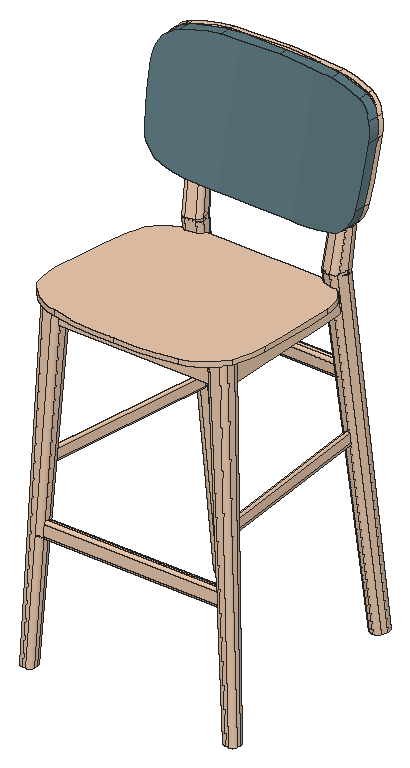
Revit family "FU_Stool_Sandler_Celina 4-14", category Furniture, Revit 2020
Family settings
  OmniClass Number = 23.40.20.00
  OmniClass Title = General Furniture and Specialties
  Work Plane-Based = No
  Always vertical = Yes
  Cut with Voids When Loaded = No
  Shared = No
  Room Calculation Point = No
Parameters (values of type "Celina 4.14")
  Width = 475 mm
  Upholstery = Fabric - Mainline Flax - Pimlico MLF34
  URL = "https://www.sandlerseating.com/product/celina-4-14/"
  Model = "Celina 4.14"
  Manufacturer = "Sandler"
  Height = 1090 mm
  Frame = Wood - Beech - Walnut - V
  Description = "Counterstool with a wooden seat and upholstered back panel. The frame is in solid beech."
  Depth = 550 mm
  Default Elevation = 0 mm
Reference planes
  plane 1 "Center (Front/Back)": y = 0
  plane 2: z = 0
  plane 3 "Center (Left/Right)": x = 0
  plane 4 "Right": x = -237.5
  plane 5 "Left": x = 237.5
  plane 6 "Back": y = 275
  plane 7 "Front": y = -275
  plane 8 "Height": z = 1090
  plane 9 "Seat height": z = 770
  plane 10 "Seat Frame Base": through (4267.2, 159.453, 701.275) normal (0, -0.0523, -0.9986)
  plane 11: through (4267.2, 256.992, 4.174) normal (0, -0.9912, -0.1325)
  plane 12: through (4267.2, 195.782, 966.959) normal (0, 0.9866, -0.1633)
  plane 13 "BRL C FRONT": x = -169.085
  plane 14 "BL H": z = 741.259
  plane 15 "Cross Stretch RIGHT": z = 402.471
Forms (mm)
  Sweep 1, solid, material "Fabric - Mainline Flax - Pimlico MLF34" <- "Upholstery"
    path origin (0, 0, 0) x (0, 1, 0) y (0, 0, 1)
      loop
        line (154.569, 770) -> (234.758, 1108.042)
    profile "Pro_celina_Back_UPH : Pro_celina_Back_UPH" origin (0, 194.663, 939.021) x (0, -0.972998, 0.230812) y (1, 0, 0)
      loop
        arc (43.165, 250) -> (3, 0) -> (43.165, -250) r 798.125
        line (43.165, -250) -> (73.165, -250)
        arc (73.165, -250) -> (33, 0) -> (73.165, 250) r 798.125
        line (73.165, 250) -> (43.165, 250)
  Extrusion 2, void
    sketch origin (0, 0, 0) x (1, 0, 0) y (0, 0, 1)
      loop
        line (0, 1090) -> (-120, 1090)
        arc (-120, 1090) -> (-157.187, 1088.102) -> (-193.987, 1082.427) r 365.188
        arc (-193.987, 1082.427) -> (-214.772, 1073.022) -> (-229.541, 1055.635) r 52.064
        arc (-229.541, 1055.635) -> (-235.86, 1038.434) -> (-237.5, 1020.182) r 70.03
        arc (-237.5, 1020.182) -> (-236.007, 959.471) -> (-231.011, 898.947) r 1050.98
        arc (-231.011, 898.947) -> (-222.49, 872.227) -> (-204.346, 850.843) r 71.485
        arc (-204.346, 850.843) -> (-187.552, 840.272) -> (-168.882, 833.545) r 92.057
        arc (-168.882, 833.545) -> (-132.35, 824.773) -> (-95.021, 820.522) r 307.517
        arc (-95.021, 820.522) -> (-47.524, 818.407) -> (0, 817.032) r 3053.671
        arc (0, 817.032) -> (47.524, 818.407) -> (95.021, 820.522) r 3053.671
        arc (95.021, 820.522) -> (132.35, 824.773) -> (168.882, 833.545) r 307.517
        arc (168.882, 833.545) -> (187.552, 840.272) -> (204.346, 850.843) r 92.057
        arc (204.346, 850.843) -> (222.49, 872.227) -> (231.011, 898.947) r 71.485
        arc (231.011, 898.947) -> (236.007, 959.471) -> (237.5, 1020.182) r 1050.98
        arc (237.5, 1020.182) -> (235.86, 1038.434) -> (229.541, 1055.635) r 70.03
        arc (229.541, 1055.635) -> (214.772, 1073.022) -> (193.987, 1082.427) r 52.064
        arc (193.987, 1082.427) -> (157.187, 1088.102) -> (120, 1090) r 365.188
        line (120, 1090) -> (0, 1090)
      loop
        line (-260, 1133.116) -> (-260, 753.116) -> (260, 753.116) -> (260, 1133.116) -> (-260, 1133.116)
    from -240.348 to -100.3
  Extrusion 3, solid, material "Wood - Beech - Walnut - V" <- "Frame"
    sketch origin (0, 37.088, 707.688) x (0, 0.99863, -0.052336) y (1, 0, 0)
      loop
        line (-206.882, 168.434) -> (113.974, 140.363) -> (116.413, 168.234) -> (-204.444, 196.305) -> (-206.882, 168.434)
    from -7 to 40
  Extrusion 4, solid, material "Wood - Beech - Walnut - V" <- "Frame"
    sketch origin (0, 37.088, 707.688) x (0, 0.99863, -0.052336) y (1, 0, 0)
      loop
        line (-206.882, -168.434) -> (-204.444, -196.305) -> (116.413, -168.234) -> (113.974, -140.363) -> (-206.882, -168.434)
    from -7 to 40
  Extrusion 5, solid, material "Wood - Beech - Walnut - V" <- "Frame"
    sketch origin (0, 0, 0) x (1, 0, 0) y (0, 0, 1)
      loop
        spline (0, 722.98) -> (-13.573, 723.047) -> (-27.153, 723.18) -> (-40.733, 723.381) -> (-54.308, 723.648) -> (-67.871, 723.981) -> (-81.416, 724.382) -> (-94.937, 724.848) -> (-108.428, 725.381) -> (-121.883, 725.979) -> (-135.296, 726.643) -> (-148.659, 727.372) -> (-161.969, 728.166)
        line (-161.969, 728.166) -> (-164.929, 677.955) -> (164.929, 677.955) -> (161.969, 728.156)
        spline (161.969, 728.156) -> (148.66, 727.367) -> (135.296, 726.643) -> (121.883, 725.982) -> (108.429, 725.387) -> (94.937, 724.856) -> (81.416, 724.391) -> (67.871, 723.991) -> (54.308, 723.657) -> (40.733, 723.389) -> (27.152, 723.187) -> (13.573, 723.05) -> (0, 722.98)
    from 173.5 to 201.5
  Blend 6, solid, material "Wood - Beech - Walnut - V" <- "Frame"
    base sketch origin (0, 0, 0) x (1, 0, 0) y (0, 1, 0)
      loop
        arc (-224.698, -192.341) -> (-232.122, -195.416) -> (-235.198, -202.841) r 10.5
        line (-235.198, -202.841) -> (-235.198, -210.841)
        arc (-235.198, -210.841) -> (-232.122, -218.265) -> (-224.698, -221.341) r 10.5
        line (-224.698, -221.341) -> (-216.698, -221.341)
        arc (-216.698, -221.341) -> (-209.273, -218.265) -> (-206.198, -210.841) r 10.5
        line (-206.198, -210.841) -> (-206.198, -202.841)
        arc (-206.198, -202.841) -> (-209.273, -195.416) -> (-216.698, -192.341) r 10.5
        line (-216.698, -192.341) -> (-224.698, -192.341)
    top sketch origin (0, 0, 0) x (1, 0, 0) y (0, 1, 0)
      loop
        arc (-190.863, -165.163) -> (-197.934, -168.092) -> (-200.863, -175.163) r 10
        line (-200.863, -175.163) -> (-200.863, -195.903)
        arc (-200.863, -195.903) -> (-197.934, -202.974) -> (-190.863, -205.903) r 10
        line (-190.863, -205.903) -> (-170.215, -205.903)
        arc (-170.215, -205.903) -> (-163.144, -202.974) -> (-160.215, -195.903) r 10
        line (-160.215, -195.903) -> (-160.215, -175.163)
        arc (-160.215, -175.163) -> (-163.144, -168.092) -> (-170.215, -165.163) r 10
        line (-170.215, -165.163) -> (-190.863, -165.163)
    from 0 to 728.156
  Blend 7, solid, material "Wood - Beech - Walnut - V" <- "Frame"
    base sketch origin (0, 0, 0) x (-1, 0, 0) y (0, -1, 0)
      loop
        line (-224.698, 192.341) -> (-216.698, 192.341)
        arc (-216.698, 192.341) -> (-209.273, 195.416) -> (-206.198, 202.841) r 10.5
        line (-206.198, 202.841) -> (-206.198, 210.841)
        arc (-206.198, 210.841) -> (-209.273, 218.265) -> (-216.698, 221.341) r 10.5
        line (-216.698, 221.341) -> (-224.698, 221.341)
        arc (-224.698, 221.341) -> (-232.122, 218.265) -> (-235.198, 210.841) r 10.5
        line (-235.198, 210.841) -> (-235.198, 202.841)
        arc (-235.198, 202.841) -> (-232.122, 195.416) -> (-224.698, 192.341) r 10.5
    top sketch origin (0, 0, 0) x (-1, 0, 0) y (0, -1, 0)
      loop
        line (-190.863, 165.163) -> (-170.215, 165.163)
        arc (-170.215, 165.163) -> (-163.144, 168.092) -> (-160.215, 175.163) r 10
        line (-160.215, 175.163) -> (-160.215, 195.903)
        arc (-160.215, 195.903) -> (-163.144, 202.974) -> (-170.215, 205.903) r 10
        line (-170.215, 205.903) -> (-190.863, 205.903)
        arc (-190.863, 205.903) -> (-197.934, 202.974) -> (-200.863, 195.903) r 10
        line (-200.863, 195.903) -> (-200.863, 175.163)
        arc (-200.863, 175.163) -> (-197.934, 168.092) -> (-190.863, 165.163) r 10
    from 0 to 728.156
  SweptBlend 8, solid, material "Wood - Beech - Walnut - V" <- "Frame"
    path origin (-169.085, 0, 0) x (0, 0, -1) y (0, -1, 0)
      loop
        line (3.053, -257.958) -> (-743.383, -158.146)
    profile origin (-169.085, 257.958, -3.053) x (0, 0.991178, 0.13254) y (-1, 0, 0)
      loop
        arc (-9.924, 12.667) -> (-16.974, 7.397) -> (-18.232, -1.314) r 11.5
        line (-18.232, -1.314) -> (-16.697, -7.348)
        arc (-16.697, -7.348) -> (-11.427, -14.398) -> (-2.715, -15.656) r 11.5
        line (-2.715, -15.656) -> (8.773, -12.732)
        arc (8.773, -12.732) -> (15.822, -7.462) -> (17.081, 1.249) r 11.5
        line (17.081, 1.249) -> (15.545, 7.283)
        arc (15.545, 7.283) -> (10.275, 14.332) -> (1.564, 15.591) r 11.5
        line (1.564, 15.591) -> (-9.924, 12.667)
    end profile origin (-169.085, 158.146, 743.383) x (0, 0.991178, 0.13254) y (-1, 0, 0)
      loop
        line (4.626, 6.197) -> (-15.096, 0.888)
        arc (-15.096, 0.888) -> (-21.466, -4.012) -> (-22.505, -11.981) r 10.5
        line (-22.505, -11.981) -> (-17.36, -31.092)
        arc (-17.36, -31.092) -> (-12.46, -37.462) -> (-4.491, -38.501) r 10.5
        line (-4.491, -38.501) -> (15.23, -33.192)
        arc (15.23, -33.192) -> (21.6, -28.292) -> (22.639, -20.323) r 10.5
        line (22.639, -20.323) -> (17.494, -1.212)
        arc (17.494, -1.212) -> (12.594, 5.158) -> (4.626, 6.197) r 10.5
  SweptBlend 9, solid, material "Wood - Beech - Walnut - V" <- "Frame"
    path origin (-169.085, 0, 0) x (0, 0, -1) y (0, -1, 0)
      loop
        line (-736.013, -157.561) -> (-975.754, -197.237)
    profile origin (-169.085, 157.561, 736.013) x (0, 0.986581, -0.163275) y (-1, 0, 0)
      loop
        line (5.456, 6.197) -> (-14.265, 0.888)
        arc (-14.265, 0.888) -> (-20.635, -4.012) -> (-21.675, -11.981) r 10.5
        line (-21.675, -11.981) -> (-16.53, -31.092)
        arc (-16.53, -31.092) -> (-11.63, -37.462) -> (-3.661, -38.501) r 10.5
        line (-3.661, -38.501) -> (16.06, -33.192)
        arc (16.06, -33.192) -> (22.43, -28.292) -> (23.47, -20.323) r 10.5
        line (23.47, -20.323) -> (18.325, -1.212)
        arc (18.325, -1.212) -> (13.425, 5.158) -> (5.456, 6.197) r 10.5
    end profile origin (-169.085, 197.237, 975.754) x (0, 0.986581, -0.163275) y (-1, 0, 0)
      loop
        arc (10.443, 5.767) -> (6.259, 11.239) -> (-0.569, 12.149) r 9
        line (-0.569, 12.149) -> (-11.406, 9.265)
        arc (-11.406, 9.265) -> (-16.88, 5.078) -> (-17.791, -1.753) r 9.005
        line (-17.791, -1.753) -> (-13.32, -18.551)
        arc (-13.32, -18.551) -> (-9.135, -24.023) -> (-2.307, -24.933) r 9
        line (-2.307, -24.933) -> (8.534, -22.047)
        arc (8.534, -22.047) -> (14.005, -17.863) -> (14.916, -11.035) r 9
        line (14.916, -11.035) -> (10.443, 5.767)
  SweptBlend 10, solid, material "Wood - Beech - Walnut - V" <- "Frame"
    path origin (169.085, 0, 0) x (0, 0, -1) y (0, 1, 0)
      loop
        line (3.053, 257.958) -> (-743.383, 158.146)
    profile origin (169.085, 257.958, -3.053) x (0, -0.991178, -0.13254) y (1, 0, 0)
      loop
        line (9.924, 12.667) -> (-1.564, 15.591)
        arc (-1.564, 15.591) -> (-10.275, 14.332) -> (-15.545, 7.283) r 11.5
        line (-15.545, 7.283) -> (-17.081, 1.249)
        arc (-17.081, 1.249) -> (-15.822, -7.462) -> (-8.773, -12.732) r 11.5
        line (-8.773, -12.732) -> (2.715, -15.656)
        arc (2.715, -15.656) -> (11.427, -14.398) -> (16.697, -7.348) r 11.5
        line (16.697, -7.348) -> (18.232, -1.314)
        arc (18.232, -1.314) -> (16.974, 7.397) -> (9.924, 12.667) r 11.5
    end profile origin (169.085, 158.146, 743.383) x (0, -0.991178, -0.13254) y (1, 0, 0)
      loop
        arc (-4.626, 6.197) -> (-12.594, 5.158) -> (-17.494, -1.212) r 10.5
        line (-17.494, -1.212) -> (-22.639, -20.323)
        arc (-22.639, -20.323) -> (-21.6, -28.292) -> (-15.23, -33.192) r 10.5
        line (-15.23, -33.192) -> (4.491, -38.501)
        arc (4.491, -38.501) -> (12.46, -37.462) -> (17.36, -31.092) r 10.5
        line (17.36, -31.092) -> (22.505, -11.981)
        arc (22.505, -11.981) -> (21.466, -4.012) -> (15.096, 0.888) r 10.5
        line (15.096, 0.888) -> (-4.626, 6.197)
  SweptBlend 11, solid, material "Wood - Beech - Walnut - V" <- "Frame"
    path origin (169.085, 0, 0) x (0, 0, -1) y (0, 1, 0)
      loop
        line (-736.013, 157.561) -> (-975.754, 197.237)
    profile origin (169.085, 157.561, 736.013) x (0, -0.986581, 0.163275) y (1, 0, 0)
      loop
        arc (-5.456, 6.197) -> (-13.425, 5.158) -> (-18.325, -1.212) r 10.5
        line (-18.325, -1.212) -> (-23.47, -20.323)
        arc (-23.47, -20.323) -> (-22.43, -28.292) -> (-16.06, -33.192) r 10.5
        line (-16.06, -33.192) -> (3.661, -38.501)
        arc (3.661, -38.501) -> (11.63, -37.462) -> (16.53, -31.092) r 10.5
        line (16.53, -31.092) -> (21.675, -11.981)
        arc (21.675, -11.981) -> (20.635, -4.012) -> (14.265, 0.888) r 10.5
        line (14.265, 0.888) -> (-5.456, 6.197)
    end profile origin (169.085, 197.237, 975.754) x (0, -0.986581, 0.163275) y (1, 0, 0)
      loop
        line (-10.443, 5.767) -> (-14.916, -11.035)
        arc (-14.916, -11.035) -> (-14.005, -17.863) -> (-8.534, -22.047) r 9
        line (-8.534, -22.047) -> (2.307, -24.933)
        arc (2.307, -24.933) -> (9.135, -24.023) -> (13.32, -18.551) r 9
        line (13.32, -18.551) -> (17.791, -1.753)
        arc (17.791, -1.753) -> (16.88, 5.078) -> (11.406, 9.265) r 9.005
        line (11.406, 9.265) -> (0.569, 12.149)
        arc (0.569, 12.149) -> (-6.259, 11.239) -> (-10.443, 5.767) r 9
  Extrusion 12, void
    sketch origin (0, 0, 0) x (1, 0, 0) y (0, 1, 0)
      loop
        line (-200.713, 290.36) -> (-200.713, 230.36) -> (-140.713, 230.36) -> (-140.713, 290.36) -> (-200.713, 290.36)
    from 0 to -10
  Extrusion 13, void
    sketch origin (0, 0, 0) x (-1, 0, 0) y (0, -1, 0)
      loop
        line (-200.713, -290.36) -> (-140.713, -290.36) -> (-140.713, -230.36) -> (-200.713, -230.36) -> (-200.713, -290.36)
    from 0 to -10
  Extrusion 14, solid, material "Wood - Beech - Walnut - V" <- "Frame"
    sketch origin (0, 0, 0) x (0, 1, 0) y (0, 0, 1)
      loop
        arc (-209.827, 259.938) -> (-208.115, 255.614) -> (-203.828, 253.811) r 6
        line (-203.828, 253.811) -> (-197.594, 253.811)
        arc (-197.594, 253.811) -> (-193.396, 255.524) -> (-191.595, 259.685) r 6
        line (-191.595, 259.685) -> (-191.084, 283.964)
        arc (-191.084, 283.964) -> (-192.795, 288.288) -> (-197.082, 290.09) r 6
        line (-197.082, 290.09) -> (-203.3, 290.09)
        arc (-203.3, 290.09) -> (-207.51, 288.372) -> (-209.316, 284.2) r 6.017
        line (-209.316, 284.2) -> (-209.827, 259.938)
    from -204 to 204
  Extrusion 15, solid, material "Wood - Beech - Walnut - V" <- "Frame"
    sketch origin (0, 384.812, 261.678) x (0, 1, 0) y (0, 0, 1)
      loop
        arc (-209.597, 258.954) -> (-207.212, 254.962) -> (-202.691, 253.872) r 6
        line (-202.691, 253.872) -> (-196.538, 254.875)
        arc (-196.538, 254.875) -> (-192.67, 257.241) -> (-191.562, 261.637) r 6
        line (-191.562, 261.637) -> (-194.961, 285.681)
        arc (-194.961, 285.681) -> (-197.346, 289.674) -> (-201.867, 290.763) r 6
        line (-201.867, 290.763) -> (-208.004, 289.763)
        arc (-208.004, 289.763) -> (-211.882, 287.391) -> (-212.994, 282.982) r 6.017
        line (-212.994, 282.982) -> (-209.597, 258.954)
    from -170 to 170
  Blend 16, solid, material "Wood - Beech - Walnut - V" <- "Frame"
    base sketch origin (0, 0, 0) x (1, 0, 0) y (0, 0, 1)
      loop
        arc (-204.013, 392.248) -> (-202.593, 388.608) -> (-199.015, 387.042) r 5.1
        arc (-199.015, 387.042) -> (-195.511, 388.532) -> (-194.016, 392.033) r 5.1
        line (-194.016, 392.033) -> (-193.599, 411.833)
        arc (-193.599, 411.833) -> (-195.016, 415.47) -> (-198.591, 417.039) r 5.1
        arc (-198.591, 417.039) -> (-202.1, 415.543) -> (-203.597, 412.034) r 5.114
        line (-203.597, 412.034) -> (-204.013, 392.248)
    top sketch origin (0, 0, 0) x (1, 0, 0) y (0, 0, 1)
      loop
        arc (-162.73, 392.248) -> (-161.31, 388.608) -> (-157.731, 387.042) r 5.1
        arc (-157.731, 387.042) -> (-154.227, 388.532) -> (-152.732, 392.033) r 5.1
        line (-152.732, 392.033) -> (-152.315, 411.833)
        arc (-152.315, 411.833) -> (-153.733, 415.47) -> (-157.307, 417.039) r 5.1
        arc (-157.307, 417.039) -> (-160.816, 415.543) -> (-162.313, 412.034) r 5.114
        line (-162.313, 412.034) -> (-162.73, 392.248)
    from 185 to -195
  Blend 17, solid, material "Wood - Beech - Walnut - V" <- "Frame"
    base sketch origin (0, 0, 0) x (-1, 0, 0) y (0, 0, -1)
      loop
        line (-204.013, -392.248) -> (-203.597, -412.034)
        arc (-203.597, -412.034) -> (-202.1, -415.543) -> (-198.591, -417.039) r 5.114
        arc (-198.591, -417.039) -> (-195.016, -415.47) -> (-193.599, -411.833) r 5.1
        line (-193.599, -411.833) -> (-194.016, -392.033)
        arc (-194.016, -392.033) -> (-195.511, -388.532) -> (-199.015, -387.042) r 5.1
        arc (-199.015, -387.042) -> (-202.593, -388.608) -> (-204.013, -392.248) r 5.1
    top sketch origin (0, 0, 0) x (-1, 0, 0) y (0, 0, -1)
      loop
        line (-162.73, -392.248) -> (-162.313, -412.034)
        arc (-162.313, -412.034) -> (-160.816, -415.543) -> (-157.307, -417.039) r 5.114
        arc (-157.307, -417.039) -> (-153.733, -415.47) -> (-152.315, -411.833) r 5.1
        line (-152.315, -411.833) -> (-152.732, -392.033)
        arc (-152.732, -392.033) -> (-154.227, -388.532) -> (-157.731, -387.042) r 5.1
        arc (-157.731, -387.042) -> (-161.31, -388.608) -> (-162.73, -392.248) r 5.1
    from 185 to -195
  Sweep 18, solid, material "Wood - Beech - Walnut - V" <- "Frame"
    path origin (0, 37.088, 707.688) x (0, 0.99863, -0.052336) y (1, 0, 0)
      loop
        line (-310.625, -0.616) -> (149.375, -0.616)
    profile "Pro_celina_Seat : Pro_celina_Seat" origin (-0.616, -43.426, 711.908) x (1, 0, 0) y (0, -0.052336, -0.99863)
      loop
        arc (237.5, -12.54) -> (0, 0) -> (-237.5, -12.54) r 2255.339
        line (-237.5, -12.54) -> (-237.5, -22.54)
        arc (-237.5, -22.54) -> (0, -10) -> (237.5, -22.54) r 2255.339
        line (237.5, -22.54) -> (237.5, -12.54)
  Extrusion 19, void
    sketch origin (-0.616, 0.33, 772.5) x (-1, 0, 0) y (0, -1, 0)
      loop
        arc (0, -160.406) -> (48.43, -159.697) -> (96.792, -157.026) r 1194.181
        arc (96.792, -157.026) -> (125.424, -152.664) -> (153.07, -144.033) r 191.447
        arc (153.07, -144.033) -> (179.743, -128.109) -> (200.057, -104.606) r 97.55
        arc (200.057, -104.606) -> (210.361, -81.825) -> (214.558, -57.177) r 97.88
        arc (214.558, -57.177) -> (221.35, 34.027) -> (224.51, 125.429) r 2299.665
        arc (224.51, 125.429) -> (221.61, 161.639) -> (211.95, 196.658) r 192.276
        arc (211.95, 196.658) -> (179.208, 231.35) -> (134.198, 247.151) r 101.024
        arc (134.198, 247.151) -> (67.293, 254.385) -> (0, 254.704) r 653.875
        arc (0, 254.704) -> (-67.293, 254.385) -> (-134.198, 247.151) r 653.875
        arc (-134.198, 247.151) -> (-179.208, 231.35) -> (-211.95, 196.658) r 101.024
        arc (-211.95, 196.658) -> (-221.61, 161.639) -> (-224.51, 125.429) r 192.276
        arc (-224.51, 125.429) -> (-221.35, 34.027) -> (-214.558, -57.177) r 2299.665
        arc (-214.558, -57.177) -> (-210.361, -81.825) -> (-200.057, -104.606) r 97.88
        arc (-200.057, -104.606) -> (-179.743, -128.109) -> (-153.07, -144.033) r 97.55
        arc (-153.07, -144.033) -> (-125.424, -152.664) -> (-96.792, -157.026) r 191.447
        arc (-96.792, -157.026) -> (-48.43, -159.697) -> (0, -160.406) r 1194.181
      loop
        line (248.521, -200.925) -> (248.521, 289.075) -> (-251.479, 289.075) -> (-251.479, -200.925) -> (248.521, -200.925)
    from -18.812 to -76.796
  Sweep 20, solid, material "Wood - Beech - Walnut - V" <- "Frame"
    path origin (-0.071, 0, 0.018) x (0, 1, 0) y (0, 0, 1)
      loop
        line (154.569, 770) -> (234.758, 1108.042)
    profile "Pro_celina_Back : Pro_celina_Back" origin (-0.071, 194.663, 939.039) x (0, -0.972998, 0.230812) y (1, 0, 0)
      loop
        arc (50.165, -250) -> (10, 0) -> (50.165, 250) r 798.119
        line (50.165, 250) -> (40.165, 250)
        arc (40.165, 250) -> (0, 0) -> (40.165, -250) r 798.125
        line (40.165, -250) -> (50.165, -250)
  Extrusion 21, void
    sketch origin (-0.071, 0, 0.018) x (1, 0, 0) y (0, 0, 1)
      loop
        line (0, 1088.75) -> (-120.05, 1088.75)
        arc (-120.05, 1088.75) -> (-156.865, 1086.871) -> (-193.297, 1081.252) r 361.536
        arc (-193.297, 1081.252) -> (-213.874, 1071.942) -> (-228.495, 1054.729) r 51.543
        arc (-228.495, 1054.729) -> (-234.751, 1037.699) -> (-236.375, 1019.63) r 69.33
        arc (-236.375, 1019.63) -> (-234.897, 959.526) -> (-229.951, 899.607) r 1040.47
        arc (-229.951, 899.607) -> (-221.515, 873.155) -> (-203.553, 851.984) r 70.77
        arc (-203.553, 851.984) -> (-186.926, 841.519) -> (-168.443, 834.86) r 91.136
        arc (-168.443, 834.86) -> (-132.277, 826.176) -> (-95.321, 821.967) r 304.441
        arc (-95.321, 821.967) -> (-47.987, 819.861) -> (-0.625, 818.498) r 3023.134
        arc (-0.625, 818.498) -> (46.737, 819.861) -> (94.071, 821.967) r 3023.134
        arc (94.071, 821.967) -> (129.37, 825.888) -> (163.972, 833.894) r 304.441
        arc (163.972, 833.894) -> (184.858, 840.542) -> (203.553, 851.984) r 91.136
        arc (203.553, 851.984) -> (221.515, 873.155) -> (229.951, 899.607) r 70.77
        arc (229.951, 899.607) -> (234.897, 959.526) -> (236.375, 1019.63) r 1040.47
        arc (236.375, 1019.63) -> (234.751, 1037.699) -> (228.495, 1054.729) r 69.33
        arc (228.495, 1054.729) -> (213.874, 1071.942) -> (193.297, 1081.252) r 51.543
        arc (193.297, 1081.252) -> (156.865, 1086.871) -> (120.05, 1088.75) r 361.536
        line (120.05, 1088.75) -> (0, 1088.75)
      loop
        line (-260, 1133.116) -> (-260, 753.116) -> (260, 753.116) -> (260, 1133.116) -> (-260, 1133.116)
    from -243.662 to -80
Cuts and joins
  Extrusion 12, Extrusion 13 cuts SweptBlend 8
  Extrusion 13 cuts SweptBlend 10
  Extrusion 19 cuts Sweep 18
  Extrusion 21 cuts Sweep 1
  Extrusion 2 cuts Sweep 20
Dimensions and locks
  equal spacing: plane 4 "Right", plane 3 "Center (Left/Right)", plane 5 "Left"
  "Width": plane 4 "Right" to plane 5 "Left"
  equal spacing: plane 6 "Back", plane 1 "Center (Front/Back)", plane 7 "Front"
  "Depth": plane 6 "Back" to plane 7 "Front"
  "Height": plane 8 "Height" to level
  plane 9 "Seat height" to level = 770 mm
  aligned and locked: level to plane 2
Automatic sketch dimensions
  Sweep 1 sketch curve to plane 9 "Seat height" = 0 mm
  Sweep 1 sketch curve to plane 6 "Back" = 120.431 mm
  plane 8 "Height" to Sweep 1 sketch curve = 18.042 mm
  Sweep 1 sketch curve to plane 6 "Back" = 40.242 mm
  plane 4 "Right" to Extrusion 2 sketch curve = 0 mm
  Extrusion 2 sketch curve to plane 8 "Height" = 0 mm
  Extrusion 2 sketch curve to plane 3 "Center (Left/Right)" = 0 mm  (x2)
  plane 5 "Left" to Extrusion 2 sketch curve = 0 mm
  plane 4 "Right" to Extrusion 2 sketch curve = 22.5 mm
  Extrusion 2 sketch curve to plane 8 "Height" = 74.355 mm  (x2)
  Extrusion 2 sketch curve to Extrusion 2 sketch curve = 553.47 mm  (x2)
  plane 13 "BRL C FRONT" to Extrusion 2 sketch curve = 14.354 mm
  Extrusion 2 sketch curve to plane 13 "BRL C FRONT" = 1.555 mm
  Extrusion 2 sketch curve to plane 13 "BRL C FRONT" = 9.117 mm
  Extrusion 2 sketch curve to Extrusion 2 sketch curve = 12.771 mm  (x2)
  Extrusion 2 sketch curve to plane 14 "BL H" = 16.447 mm  (x2)
  Extrusion 2 sketch curve to plane 13 "BRL C FRONT" = 49.085 mm
  Extrusion 2 sketch curve to Extrusion 2 sketch curve = 41.05 mm
  Extrusion 2 sketch curve to plane 3 "Center (Left/Right)" = 64.564 mm
  plane 3 "Center (Left/Right)" to Extrusion 2 sketch curve = 64.564 mm
  plane 8 "Height" to Extrusion 2 sketch curve = 37.618 mm  (x2)
  plane 3 "Center (Left/Right)" to Extrusion 2 sketch curve = 78.95 mm
  plane 5 "Left" to Extrusion 2 sketch curve = 117.5 mm
  plane 5 "Left" to Extrusion 2 sketch curve = 90.303 mm
  plane 5 "Left" to Extrusion 2 sketch curve = 69.97 mm
  Extrusion 2 sketch curve to Extrusion 2 sketch curve = 15.909 mm
  Extrusion 2 sketch curve to plane 5 "Left" = 22.5 mm
  plane 14 "BL H" to Extrusion 2 sketch curve = 11.857 mm
  plane 9 "Seat height" to Extrusion 2 sketch curve = 136.884 mm  (x2)
  Extrusion 2 sketch curve to Extrusion 2 sketch curve = 16.127 mm  (x2)
  Extrusion 2 sketch curve to plane 8 "Height" = 66.906 mm  (x2)
  Extrusion 2 sketch curve to Extrusion 2 sketch curve = 8.349 mm  (x2)
  plane 8 "Height" to Extrusion 2 sketch curve = 43.116 mm
  Extrusion 2 sketch curve to Extrusion 2 sketch curve = 2742.401 mm
  Extrusion 2 sketch curve to Extrusion 2 sketch curve = 0 mm  (x9)
  Extrusion 2 sketch curve to Extrusion 2 sketch curve = 71.043 mm
  Extrusion 2 sketch curve to plane 13 "BRL C FRONT" = 0.203 mm
  plane 9 "Seat height" to Extrusion 2 sketch curve = 63.545 mm
  plane 5 "Left" to Extrusion 3 sketch curve = 69.066 mm
  plane 5 "Left" to Extrusion 3 sketch curve = 41.195 mm
  Extrusion 3 sketch curve to Extrusion 3 sketch curve = 2.438 mm
  plane 5 "Left" to Extrusion 3 sketch curve = 97.137 mm
  plane 13 "BRL C FRONT" to Extrusion 4 sketch curve = 0.651 mm
  Extrusion 4 sketch curve to plane 13 "BRL C FRONT" = 27.22 mm
  Extrusion 4 sketch curve to Extrusion 4 sketch curve = 2.438 mm
  plane 13 "BRL C FRONT" to Extrusion 4 sketch curve = 28.722 mm
  Extrusion 5 sketch curve to plane 13 "BRL C FRONT" = 4.156 mm
  Extrusion 5 sketch curve to plane 13 "BRL C FRONT" = 7.116 mm
  Extrusion 5 sketch curve to plane 14 "BL H" = 13.103 mm
  plane 5 "Left" to Extrusion 5 sketch curve = 75.531 mm
  Extrusion 5 sketch curve to Extrusion 5 sketch curve = 2.96 mm
  Extrusion 5 sketch curve to Extrusion 5 sketch curve = 50.201 mm
  Extrusion 5 sketch curve to Extrusion 5 sketch curve = 50.211 mm
  Extrusion 5 sketch curve to plane 3 "Center (Left/Right)" = 28.551 mm
  Extrusion 5 sketch curve to plane 3 "Center (Left/Right)" = 0 mm
  plane 3 "Center (Left/Right)" to Extrusion 5 sketch curve = 28.575 mm
  plane 9 "Seat height" to Extrusion 5 sketch curve = 91.627 mm
  Extrusion 5 sketch curve to plane 5 "Left" = 370.996 mm
  Extrusion 5 sketch curve to Extrusion 5 sketch curve = 57.126 mm
  Blend 6 sketch curve to plane 4 "Right" = 2.302 mm
  Blend 6 sketch curve to plane 4 "Right" = 12.802 mm
  Blend 6 sketch curve to Blend 6 sketch curve = 0 mm
  Blend 6 sketch curve to Blend 6 sketch curve = 8 mm  (x3)
  Blend 6 sketch curve to Blend 6 sketch curve = 10.5 mm
  plane 7 "Front" to Blend 6 sketch curve = 53.659 mm
  plane 13 "BRL C FRONT" to Blend 6 sketch curve = 31.778 mm
  Blend 6 sketch curve to Blend 6 sketch curve = 10 mm  (x2)
  plane 13 "BRL C FRONT" to Blend 6 sketch curve = 1.13 mm  (x2)
  Blend 6 sketch curve to plane 13 "BRL C FRONT" = 8.87 mm
  plane 7 "Front" to Blend 6 sketch curve = 69.097 mm
  Blend 6 sketch curve to Blend 6 sketch curve = 20.739 mm
  Blend 7 sketch curve to plane 5 "Left" = 2.302 mm
  Blend 7 sketch curve to plane 5 "Left" = 12.802 mm
  Blend 7 sketch curve to Blend 7 sketch curve = 0 mm
  Blend 7 sketch curve to Blend 7 sketch curve = 8 mm  (x3)
  Blend 7 sketch curve to Blend 7 sketch curve = 10.5 mm
  Blend 7 sketch curve to plane 7 "Front" = 53.659 mm
  Blend 7 sketch curve to plane 5 "Left" = 36.637 mm
  Blend 7 sketch curve to Blend 7 sketch curve = 10 mm  (x3)
  Blend 7 sketch curve to Blend 7 sketch curve = 20.648 mm  (x2)
  Blend 7 sketch curve to plane 7 "Front" = 69.097 mm
  Blend 7 sketch curve to Blend 7 sketch curve = 20.739 mm
  plane 11 to SweptBlend 8 sketch curve = 0 mm  (x2)
  plane 14 "BL H" to SweptBlend 8 sketch curve = 2.124 mm
  SweptBlend 8 sketch curve to level = 3.053 mm
  SweptBlend 8 sketch curve to plane 13 "BRL C FRONT" = 1.314 mm
  profile plane to SweptBlend 8 sketch curve = 18.232 mm
  SweptBlend 8 sketch curve to plane 13 "BRL C FRONT" = 7.348 mm
  SweptBlend 8 sketch curve to SweptBlend 8 sketch curve = 1.536 mm  (x2)
  profile plane to SweptBlend 8 sketch curve = 9.924 mm
  plane 13 "BRL C FRONT" to SweptBlend 8 sketch curve = 1.522 mm
  profile plane to SweptBlend 8 sketch curve = 7.088 mm
  profile plane to SweptBlend 8 sketch curve = 5.552 mm
  profile plane to SweptBlend 8 sketch curve = 2.715 mm
  SweptBlend 8 sketch curve to profile plane = 1.564 mm
  SweptBlend 8 sketch curve to profile plane = 4.4 mm
  SweptBlend 8 sketch curve to plane 13 "BRL C FRONT" = 1.587 mm
  SweptBlend 8 sketch curve to profile plane = 5.936 mm
  SweptBlend 8 sketch curve to profile plane = 8.773 mm
  plane 13 "BRL C FRONT" to SweptBlend 8 sketch curve = 7.283 mm
  SweptBlend 8 sketch curve to SweptBlend 8 sketch curve = 11.145 mm
  plane 13 "BRL C FRONT" to SweptBlend 8 sketch curve = 1.249 mm
  SweptBlend 8 sketch curve to SweptBlend 8 sketch curve = 2.924 mm
  plane 13 "BRL C FRONT" to SweptBlend 8 sketch curve = 4.446 mm
  profile plane to SweptBlend 8 sketch curve = 22.505 mm
  profile plane to SweptBlend 8 sketch curve = 17.36 mm
  plane 13 "BRL C FRONT" to SweptBlend 8 sketch curve = 0.888 mm
  SweptBlend 8 sketch curve to SweptBlend 8 sketch curve = 7.409 mm
  SweptBlend 8 sketch curve to plane 13 "BRL C FRONT" = 9.251 mm
  SweptBlend 8 sketch curve to SweptBlend 8 sketch curve = 2.73 mm  (x4)
  profile plane to SweptBlend 8 sketch curve = 7.221 mm
  profile plane to SweptBlend 8 sketch curve = 4.491 mm
  SweptBlend 8 sketch curve to profile plane = 4.626 mm
  SweptBlend 8 sketch curve to profile plane = 7.355 mm
  SweptBlend 8 sketch curve to profile plane = 12.5 mm
  SweptBlend 8 sketch curve to plane 13 "BRL C FRONT" = 1.212 mm
  SweptBlend 8 sketch curve to SweptBlend 8 sketch curve = 10.139 mm  (x2)
  SweptBlend 8 sketch curve to SweptBlend 8 sketch curve = 19.111 mm  (x2)
  SweptBlend 8 sketch curve to plane 13 "BRL C FRONT" = 3.942 mm
  plane 12 to SweptBlend 9 sketch curve = 0 mm  (x2)
  SweptBlend 9 sketch curve to plane 6 "Back" = 77.763 mm
  SweptBlend 9 sketch curve to plane 14 "BL H" = 5.246 mm
  profile plane to SweptBlend 9 sketch curve = 21.675 mm
  profile plane to SweptBlend 9 sketch curve = 16.53 mm
  plane 13 "BRL C FRONT" to SweptBlend 9 sketch curve = 0.888 mm
  profile plane to SweptBlend 9 sketch curve = 14.265 mm
  SweptBlend 9 sketch curve to plane 13 "BRL C FRONT" = 9.251 mm
  SweptBlend 9 sketch curve to SweptBlend 9 sketch curve = 10.139 mm  (x3)
  profile plane to SweptBlend 9 sketch curve = 6.391 mm
  profile plane to SweptBlend 9 sketch curve = 3.661 mm
  SweptBlend 9 sketch curve to profile plane = 5.456 mm
  SweptBlend 9 sketch curve to plane 13 "BRL C FRONT" = 3.942 mm
  SweptBlend 9 sketch curve to profile plane = 8.186 mm
  SweptBlend 9 sketch curve to profile plane = 13.331 mm
  SweptBlend 9 sketch curve to SweptBlend 9 sketch curve = 2.73 mm  (x3)
  SweptBlend 9 sketch curve to plane 13 "BRL C FRONT" = 1.212 mm
  SweptBlend 9 sketch curve to SweptBlend 9 sketch curve = 19.111 mm  (x2)
  SweptBlend 9 sketch curve to plane 13 "BRL C FRONT" = 1.753 mm
  profile plane to SweptBlend 9 sketch curve = 17.791 mm
  profile plane to SweptBlend 9 sketch curve = 13.32 mm
  profile plane to SweptBlend 9 sketch curve = 11.406 mm
  plane 13 "BRL C FRONT" to SweptBlend 9 sketch curve = 0.563 mm
  SweptBlend 9 sketch curve to SweptBlend 9 sketch curve = 2.316 mm
  profile plane to SweptBlend 9 sketch curve = 4.622 mm
  profile plane to SweptBlend 9 sketch curve = 2.307 mm
  profile plane to SweptBlend 9 sketch curve = 0.569 mm
  SweptBlend 9 sketch curve to profile plane = 1.746 mm
  SweptBlend 9 sketch curve to profile plane = 6.218 mm
  SweptBlend 9 sketch curve to profile plane = 8.534 mm
  plane 13 "BRL C FRONT" to SweptBlend 9 sketch curve = 5.767 mm
  SweptBlend 9 sketch curve to SweptBlend 9 sketch curve = 8.697 mm  (x2)
  SweptBlend 9 sketch curve to plane 13 "BRL C FRONT" = 11.035 mm
  SweptBlend 9 sketch curve to SweptBlend 9 sketch curve = 2.315 mm  (x2)
  SweptBlend 9 sketch curve to SweptBlend 9 sketch curve = 2.886 mm
  plane 13 "BRL C FRONT" to SweptBlend 9 sketch curve = 3.452 mm
  SweptBlend 10 sketch curve to plane 11 = 0 mm
  plane 11 to SweptBlend 10 sketch curve = 0 mm
  plane 14 "BL H" to SweptBlend 10 sketch curve = 2.124 mm
  SweptBlend 10 sketch curve to level = 3.053 mm
  profile plane to SweptBlend 10 sketch curve = 1.249 mm
  profile plane to SweptBlend 10 sketch curve = 17.081 mm
  profile plane to SweptBlend 10 sketch curve = 7.283 mm
  SweptBlend 10 sketch curve to SweptBlend 10 sketch curve = 1.536 mm  (x3)
  profile plane to SweptBlend 10 sketch curve = 8.773 mm
  SweptBlend 10 sketch curve to profile plane = 1.587 mm
  profile plane to SweptBlend 10 sketch curve = 5.936 mm
  profile plane to SweptBlend 10 sketch curve = 4.4 mm
  profile plane to SweptBlend 10 sketch curve = 1.564 mm
  SweptBlend 10 sketch curve to profile plane = 2.715 mm
  SweptBlend 10 sketch curve to profile plane = 5.552 mm
  profile plane to SweptBlend 10 sketch curve = 1.522 mm
  SweptBlend 10 sketch curve to profile plane = 9.924 mm
  SweptBlend 10 sketch curve to profile plane = 7.348 mm
  SweptBlend 10 sketch curve to SweptBlend 10 sketch curve = 11.145 mm
  SweptBlend 10 sketch curve to profile plane = 1.314 mm
  SweptBlend 10 sketch curve to SweptBlend 10 sketch curve = 2.924 mm
  profile plane to SweptBlend 10 sketch curve = 4.446 mm
  profile plane to SweptBlend 10 sketch curve = 22.639 mm
  SweptBlend 10 sketch curve to profile plane = 1.212 mm
  profile plane to SweptBlend 10 sketch curve = 17.494 mm
  SweptBlend 10 sketch curve to SweptBlend 10 sketch curve = 7.409 mm
  SweptBlend 10 sketch curve to SweptBlend 10 sketch curve = 10.139 mm  (x3)
  profile plane to SweptBlend 10 sketch curve = 7.355 mm
  profile plane to SweptBlend 10 sketch curve = 4.626 mm
  SweptBlend 10 sketch curve to profile plane = 4.491 mm
  SweptBlend 10 sketch curve to profile plane = 7.221 mm
  SweptBlend 10 sketch curve to profile plane = 12.366 mm
  profile plane to SweptBlend 10 sketch curve = 0.888 mm
  SweptBlend 10 sketch curve to SweptBlend 10 sketch curve = 2.73 mm  (x3)
  SweptBlend 10 sketch curve to profile plane = 11.981 mm
  SweptBlend 10 sketch curve to SweptBlend 10 sketch curve = 19.111 mm  (x2)
  SweptBlend 10 sketch curve to profile plane = 3.942 mm
  plane 12 to SweptBlend 11 sketch curve = 0 mm
  SweptBlend 11 sketch curve to plane 12 = 0 mm
  SweptBlend 11 sketch curve to plane 6 "Back" = 77.763 mm
  SweptBlend 11 sketch curve to plane 14 "BL H" = 5.246 mm
  profile plane to SweptBlend 11 sketch curve = 23.47 mm
  SweptBlend 11 sketch curve to profile plane = 1.212 mm
  profile plane to SweptBlend 11 sketch curve = 18.325 mm
  SweptBlend 11 sketch curve to SweptBlend 11 sketch curve = 7.409 mm
  SweptBlend 11 sketch curve to SweptBlend 11 sketch curve = 10.139 mm  (x3)
  SweptBlend 11 sketch curve to profile plane = 3.942 mm
  profile plane to SweptBlend 11 sketch curve = 8.186 mm
  profile plane to SweptBlend 11 sketch curve = 5.456 mm
  SweptBlend 11 sketch curve to profile plane = 3.661 mm
  SweptBlend 11 sketch curve to profile plane = 6.391 mm
  SweptBlend 11 sketch curve to profile plane = 11.536 mm
  profile plane to SweptBlend 11 sketch curve = 0.888 mm
  SweptBlend 11 sketch curve to SweptBlend 11 sketch curve = 2.73 mm  (x3)
  SweptBlend 11 sketch curve to profile plane = 11.981 mm
  SweptBlend 11 sketch curve to SweptBlend 11 sketch curve = 19.111 mm  (x2)
  profile plane to SweptBlend 11 sketch curve = 14.916 mm
  profile plane to SweptBlend 11 sketch curve = 10.443 mm
  profile plane to SweptBlend 11 sketch curve = 8.534 mm
  profile plane to SweptBlend 11 sketch curve = 6.218 mm
  profile plane to SweptBlend 11 sketch curve = 1.746 mm
  SweptBlend 11 sketch curve to profile plane = 0.569 mm
  SweptBlend 11 sketch curve to profile plane = 2.307 mm
  SweptBlend 11 sketch curve to profile plane = 4.622 mm
  profile plane to SweptBlend 11 sketch curve = 0.563 mm
  SweptBlend 11 sketch curve to profile plane = 9.089 mm
  SweptBlend 11 sketch curve to SweptBlend 11 sketch curve = 2.316 mm
  SweptBlend 11 sketch curve to SweptBlend 11 sketch curve = 8.697 mm
  SweptBlend 11 sketch curve to profile plane = 1.753 mm
  SweptBlend 11 sketch curve to SweptBlend 11 sketch curve = 8.702 mm
  SweptBlend 11 sketch curve to profile plane = 11.035 mm
  SweptBlend 11 sketch curve to SweptBlend 11 sketch curve = 2.315 mm  (x2)
  SweptBlend 11 sketch curve to SweptBlend 11 sketch curve = 2.886 mm
  profile plane to SweptBlend 11 sketch curve = 3.452 mm
  profile plane to SweptBlend 11 sketch curve = 5.767 mm
  plane 13 "BRL C FRONT" to Extrusion 12 sketch curve = 31.628 mm
  Extrusion 12 sketch curve to plane 13 "BRL C FRONT" = 28.372 mm
  Extrusion 12 sketch curve to plane 6 "Back" = 44.64 mm
  plane 6 "Back" to Extrusion 12 sketch curve = 15.36 mm
  Extrusion 13 sketch curve to plane 5 "Left" = 36.787 mm
  Extrusion 13 sketch curve to Extrusion 13 sketch curve = 60 mm
  plane 6 "Back" to Extrusion 13 sketch curve = 44.64 mm
  Extrusion 13 sketch curve to plane 6 "Back" = 15.36 mm
  plane 7 "Front" to Extrusion 14 sketch curve = 65.173 mm
  Extrusion 14 sketch curve to Extrusion 14 sketch curve = 0.511 mm
  Extrusion 14 sketch curve to Extrusion 14 sketch curve = 5.999 mm  (x3)
  Extrusion 14 sketch curve to Extrusion 14 sketch curve = 6.016 mm
  Extrusion 14 sketch curve to Extrusion 14 sketch curve = 6.235 mm
  Extrusion 14 sketch curve to Extrusion 14 sketch curve = 6.218 mm
  Extrusion 14 sketch curve to plane 15 "Cross Stretch RIGHT" = 148.66 mm
  Extrusion 14 sketch curve to Extrusion 14 sketch curve = 5.874 mm
  Extrusion 14 sketch curve to Extrusion 14 sketch curve = 6 mm
  Extrusion 14 sketch curve to Extrusion 14 sketch curve = 24.278 mm
  Extrusion 14 sketch curve to Extrusion 14 sketch curve = 0.109 mm
  Extrusion 14 sketch curve to Extrusion 14 sketch curve = 0.126 mm
  Extrusion 15 sketch curve to plane 6 "Back" = 103.182 mm
  Extrusion 15 sketch curve to Extrusion 15 sketch curve = 3.397 mm
  Extrusion 15 sketch curve to Extrusion 15 sketch curve = 4.99 mm
  Extrusion 15 sketch curve to Extrusion 15 sketch curve = 5.958 mm
  Extrusion 15 sketch curve to Extrusion 15 sketch curve = 5.941 mm  (x3)
  Extrusion 15 sketch curve to Extrusion 15 sketch curve = 0.965 mm  (x3)
  Extrusion 15 sketch curve to Extrusion 15 sketch curve = 6.137 mm
  Extrusion 15 sketch curve to Extrusion 15 sketch curve = 6.153 mm
  plane 15 "Cross Stretch RIGHT" to Extrusion 15 sketch curve = 113.079 mm
  Extrusion 15 sketch curve to Extrusion 15 sketch curve = 1.003 mm
  Extrusion 15 sketch curve to Extrusion 15 sketch curve = 5.082 mm
  Extrusion 15 sketch curve to Extrusion 15 sketch curve = 5.922 mm
  Extrusion 15 sketch curve to Extrusion 15 sketch curve = 24.028 mm
  Extrusion 15 sketch curve to Extrusion 15 sketch curve = 0.842 mm
  Extrusion 15 sketch curve to Extrusion 15 sketch curve = 1.017 mm
  Extrusion 15 sketch curve to Extrusion 15 sketch curve = 0.84 mm
  Blend 16 sketch curve to plane 15 "Cross Stretch RIGHT" = 10.223 mm
  Blend 16 sketch curve to plane 4 "Right" = 33.487 mm
  plane 15 "Cross Stretch RIGHT" to Blend 16 sketch curve = 9.562 mm
  Blend 16 sketch curve to Blend 16 sketch curve = 0.417 mm
  Blend 16 sketch curve to Blend 16 sketch curve = 4.899 mm  (x6)
  Blend 16 sketch curve to Blend 16 sketch curve = 0.2 mm  (x2)
  Blend 16 sketch curve to Blend 16 sketch curve = 0.214 mm  (x2)
  Blend 16 sketch curve to plane 15 "Cross Stretch RIGHT" = 10.438 mm  (x2)
  plane 15 "Cross Stretch RIGHT" to Blend 16 sketch curve = 9.362 mm  (x2)
  Blend 16 sketch curve to Blend 16 sketch curve = 4.885 mm  (x2)
  Blend 16 sketch curve to Blend 16 sketch curve = 0.107 mm  (x3)
  Blend 16 sketch curve to Blend 16 sketch curve = 0 mm  (x2)
  Blend 16 sketch curve to Blend 16 sketch curve = 0.093 mm  (x3)
  Blend 16 sketch curve to Blend 16 sketch curve = 0.014 mm  (x2)
  Blend 16 sketch curve to plane 13 "BRL C FRONT" = 6.355 mm
  Blend 16 sketch curve to plane 13 "BRL C FRONT" = 6.772 mm
  plane 15 "Cross Stretch RIGHT" to Blend 17 sketch curve = 10.223 mm  (x2)
  Blend 17 sketch curve to plane 5 "Left" = 33.487 mm
  Blend 17 sketch curve to plane 15 "Cross Stretch RIGHT" = 9.562 mm  (x2)
  Blend 17 sketch curve to Blend 17 sketch curve = 0.417 mm  (x2)
  Blend 17 sketch curve to Blend 17 sketch curve = 4.899 mm  (x6)
  Blend 17 sketch curve to Blend 17 sketch curve = 0.2 mm  (x2)
  Blend 17 sketch curve to Blend 17 sketch curve = 0.214 mm  (x2)
  plane 15 "Cross Stretch RIGHT" to Blend 17 sketch curve = 10.438 mm  (x2)
  Blend 17 sketch curve to plane 15 "Cross Stretch RIGHT" = 9.362 mm  (x2)
  Blend 17 sketch curve to Blend 17 sketch curve = 4.885 mm  (x2)
  Blend 17 sketch curve to Blend 17 sketch curve = 0.107 mm  (x2)
  Blend 17 sketch curve to Blend 17 sketch curve = 0 mm  (x2)
  Blend 17 sketch curve to Blend 17 sketch curve = 0.093 mm  (x2)
  Blend 17 sketch curve to Blend 17 sketch curve = 0.014 mm  (x2)
  Blend 17 sketch curve to plane 5 "Left" = 74.77 mm
  plane 7 "Front" to Extrusion 19 sketch curve = 116.151 mm  (x2)
  Extrusion 19 sketch curve to plane 5 "Left" = 1836.792 mm
  Extrusion 19 sketch curve to plane 5 "Left" = 13.363 mm
  plane 5 "Left" to Extrusion 19 sketch curve = 113.929 mm
  Extrusion 19 sketch curve to plane 1 "Center (Front/Back)" = 53.711 mm  (x2)
  plane 3 "Center (Left/Right)" to Extrusion 19 sketch curve = 116.423 mm
  Extrusion 19 sketch curve to Extrusion 19 sketch curve = 0.281 mm  (x2)
  plane 1 "Center (Front/Back)" to Extrusion 19 sketch curve = 33.547 mm  (x2)
  plane 3 "Center (Left/Right)" to Extrusion 19 sketch curve = 81.742 mm
  plane 3 "Center (Left/Right)" to Extrusion 19 sketch curve = 31.639 mm
  plane 3 "Center (Left/Right)" to Extrusion 19 sketch curve = 29.935 mm
  plane 3 "Center (Left/Right)" to Extrusion 19 sketch curve = 6.138 mm
  Extrusion 19 sketch curve to plane 3 "Center (Left/Right)" = 7.37 mm
  Extrusion 19 sketch curve to plane 3 "Center (Left/Right)" = 31.167 mm
  Extrusion 19 sketch curve to plane 3 "Center (Left/Right)" = 32.87 mm
  Extrusion 19 sketch curve to plane 3 "Center (Left/Right)" = 82.973 mm
  Extrusion 19 sketch curve to plane 13 "BRL C FRONT" = 51.711 mm
  Extrusion 19 sketch curve to plane 13 "BRL C FRONT" = 44.283 mm
  plane 4 "Right" to Extrusion 19 sketch curve = 11.637 mm
  Extrusion 19 sketch curve to Extrusion 19 sketch curve = 1826.387 mm
  Extrusion 19 sketch curve to plane 6 "Back" = 73.745 mm
  plane 6 "Back" to Extrusion 19 sketch curve = 123.786 mm
  Extrusion 19 sketch curve to Extrusion 19 sketch curve = 0 mm  (x10)
  Extrusion 19 sketch curve to Extrusion 19 sketch curve = 0.173 mm  (x2)
  Extrusion 19 sketch curve to Extrusion 19 sketch curve = 94.374 mm
  Extrusion 19 sketch curve to Extrusion 19 sketch curve = 18.373 mm  (x2)
  Extrusion 19 sketch curve to plane 7 "Front" = 13.745 mm
  Extrusion 19 sketch curve to plane 7 "Front" = 758.426 mm
  plane 5 "Left" to Extrusion 19 sketch curve = 13.606 mm
  plane 5 "Left" to Extrusion 19 sketch curve = 23.558 mm
  plane 5 "Left" to Extrusion 19 sketch curve = 26.165 mm
  plane 7 "Front" to Extrusion 19 sketch curve = 28.179 mm  (x2)
  Extrusion 19 sketch curve to plane 3 "Center (Left/Right)" = 0.616 mm  (x2)
  Extrusion 19 sketch curve to plane 4 "Right" = 24.934 mm
  Extrusion 19 sketch curve to plane 4 "Right" = 22.327 mm
  Sweep 18 sketch curve to plane 3 "Center (Left/Right)" = 0.616 mm
  Sweep 18 sketch curve to Sweep 18 sketch curve = 460 mm
  plane 9 "Seat height" to Sweep 20 sketch curve = 0.018 mm
  Sweep 20 sketch curve to plane 6 "Back" = 120.431 mm
  plane 8 "Height" to Sweep 20 sketch curve = 18.06 mm
  Sweep 20 sketch curve to plane 6 "Back" = 40.242 mm
  Extrusion 21 sketch curve to plane 8 "Height" = 74.844 mm  (x2)
  plane 4 "Right" to Extrusion 21 sketch curve = 566.657 mm
  plane 4 "Right" to Extrusion 21 sketch curve = 22.571 mm
  plane 13 "BRL C FRONT" to Extrusion 21 sketch curve = 13.841 mm
  Extrusion 21 sketch curve to plane 13 "BRL C FRONT" = 1.909 mm
  Extrusion 21 sketch curve to plane 13 "BRL C FRONT" = 9.396 mm
  Extrusion 21 sketch curve to Extrusion 21 sketch curve = 12.643 mm  (x2)
  Extrusion 21 sketch curve to plane 14 "BL H" = 14.027 mm  (x2)
  Extrusion 21 sketch curve to plane 13 "BRL C FRONT" = 48.964 mm
  Extrusion 21 sketch curve to Extrusion 21 sketch curve = 40.639 mm
  Extrusion 21 sketch curve to plane 3 "Center (Left/Right)" = 63.99 mm
  Extrusion 21 sketch curve to plane 3 "Center (Left/Right)" = 0.071 mm
  plane 3 "Center (Left/Right)" to Extrusion 21 sketch curve = 62.597 mm
  plane 8 "Height" to Extrusion 21 sketch curve = 36.01 mm  (x2)
  plane 3 "Center (Left/Right)" to Extrusion 21 sketch curve = 78.09 mm
  plane 5 "Left" to Extrusion 21 sketch curve = 117.521 mm
  plane 5 "Left" to Extrusion 21 sketch curve = 90.596 mm
  plane 5 "Left" to Extrusion 21 sketch curve = 70.466 mm
  Extrusion 21 sketch curve to Extrusion 21 sketch curve = 15.75 mm
  Extrusion 21 sketch curve to plane 5 "Left" = 22.429 mm
  Extrusion 21 sketch curve to Extrusion 21 sketch curve = 544.085 mm
  plane 14 "BL H" to Extrusion 21 sketch curve = 11.875 mm
  plane 9 "Seat height" to Extrusion 21 sketch curve = 137.483 mm  (x2)
  Extrusion 21 sketch curve to Extrusion 21 sketch curve = 15.966 mm  (x2)
  Extrusion 21 sketch curve to plane 8 "Height" = 67.469 mm  (x2)
  Extrusion 21 sketch curve to Extrusion 21 sketch curve = 8.265 mm  (x2)
  Extrusion 21 sketch curve to plane 8 "Height" = 1.232 mm
  plane 8 "Height" to Extrusion 21 sketch curve = 43.134 mm
  Extrusion 21 sketch curve to Extrusion 21 sketch curve = 2707.853 mm
  Extrusion 21 sketch curve to Extrusion 21 sketch curve = 0 mm  (x10)
  Extrusion 21 sketch curve to plane 4 "Right" = 1.054 mm
  Extrusion 21 sketch curve to Extrusion 21 sketch curve = 70.333 mm
  Extrusion 21 sketch curve to plane 13 "BRL C FRONT" = 0.57 mm
  Extrusion 21 sketch curve to plane 3 "Center (Left/Right)" = 0.696 mm
  plane 9 "Seat height" to Extrusion 21 sketch curve = 63.912 mm
